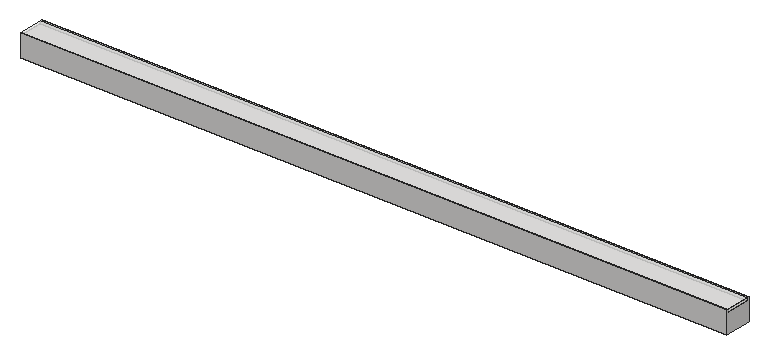
Revit family "Lighting-Luminii-Kurba_Max_Vertical new", category Lighting Fixtures, host Face, Revit 2020
Family settings
  Host = Face
  Round Connector Dimension = Use Diameter
  Part Type = Normal
  OmniClass Number = 23.80.70.11.14.11
  OmniClass Title = Downlights
  Cut with Voids When Loaded = No
  Light Source = Yes
  Shared = Yes
  Room Calculation Point = No
Parameters (values of type "Kubra Max Vertical")
  Width = 3/4"  # constant formula
  Wattage Comments = "5.0 W/ft"
  Wattage = 5 W
  Warranty URL = "https://www.luminii.com/terms-conditions/"
  built-in parameter 1150110 = 1 (stored number, unit not read)
  Voltage Comments = "120VAC - 277VAC"  # constant formula
  Voltage = 120 V
  Version = "2020 - v1.0a"  # constant formula
  URL = "https://www.luminii.com/"
  built-in parameter 1114217 = 1 (stored number, unit not read)
  Tilt Angle = -90.00°  # constant formula
  built-in parameter 1150109 = 1 (stored number, unit not read)
  built-in parameter 1150134 = (empty or 0)
  built-in parameter 1150113 = 1 (stored number, unit not read)
  Support Phone = "224-699-9545"  # constant formula
  Support Email = "mailto:support@bimsmith.com"
  Product Page URL = "Consult Manufacturer Website for more Information"
  Power Source Type = "Driver"  # constant formula
  Power Factor = 1
  Photometric Web File = "KBX-SF-V-30K-24V.IES"
  Phase = 1
  Operating Temperature = "Consult Manufacturer Website for more Information"  # constant formula
  Number of Poles = if(and(or(Voltage = 120 V, Voltage = 277 V), Phase = 1), 1, if(and(or(Voltage = 208 V, Voltage = 240 V), Phase = 1), 2, if(and(or(Voltage = 208 V, Voltage = 240 V), Phase = 3), 3, if(and(Voltage > 300 V, Phase = 1), 2, if(and(Voltage > 400 V, Phase = 3), 3, 1)))))  # 1
  Mounting Method = "Mounting Options: Mounting Channel, Mounting Bracket"  # constant formula
  Model = "KBX-SF-V"  # constant formula
  Manufacturer Phone Number = "403-216-7043"  # constant formula
  Manufacturer Email = "mailto: info@sensolighting.com"
  Manufacturer Address = "302 50 Ave SE. Calgary, Alberta, T2G 2A9 Canada"  # constant formula
  Manufacturer = "Luminii"  # constant formula
  built-in parameter 1150105 = 36.407 (stored number, unit not read)
  Lumens = 457.5 lm
  Luminaire Type = "Flexible LED strip 24 VDC"  # constant formula
  built-in parameter 1150115 = 1 (stored number, unit not read)
  Load Classification = Lighting
  built-in parameter 1150137 = (empty or 0)
  built-in parameter 1150139 = (empty or 0)
  Lens Material = Plastic - Luminii - Frosted Lens
  Length [instance] = if(Desired Length < 12", 12", if(Desired Length > 216", 216", (round(Desired Length / 2")) * 2"))  # 24"
  built-in parameter 1150112 = 1 (stored number, unit not read)
  built-in parameter 1150114 = 1 (stored number, unit not read)
  Lamp Life = 1
  Lamp = "LED"  # constant formula
  Keynote = "26 50 00"
  built-in parameter 1150132 = (empty or 0)
  built-in parameter 1150102 = (empty or 0)
  built-in parameter 1150107 = 3000 (stored number, unit not read)
  Initial Color Comments = "Perfomance based on 3000K Photometric Web File"  # constant formula
  built-in parameter 1150138 = (empty or 0)
  built-in parameter 1150106 = 0.36407 (stored number, unit not read)
  Housing Protection Rating = "Consult Manufacturer Website for more Information"  # constant formula
  Height = 57/64"  # constant formula
  Has Dimming = 1 = 1  # yes
  Has Battery Backup = 0 = 1  # no
  Frequency Comments = ""  # constant formula
  Frequency = 60 Hz
  Finish = Metal - Luminii - Silver Anodized Aluminum
  Environment = "Indoor"  # constant formula
  Emit from Line Length = 48"
  built-in parameter 1150104 = 8.5006 (stored number, unit not read)
  Dimming Type = "Consult Manufacturer Website for more Information"  # constant formula
  Dimming Lamp Color Temperature Shift = <None>
  Desired Length [instance] = 24"
  Description = "Flexible LED strip 24 VDC"  # constant formula
  Default Elevation = 0"  # constant formula
  Current Amps = 50 A
  Copyright = "©2024 Luminii"  # constant formula
  Control Zone = "Consult Manufacturer Website for more Information"  # constant formula
  Control Type = "Consult Manufacturer Website for more Information"  # constant formula
  Color Filter = 16777215
  built-in parameter 1114216 [instance] = 0  # (empty or 0)
  built-in parameter 1140040 [instance] = 1 = 1  # 1
  CCT = "3000K"
  built-in parameter 1114218 = 1 (stored number, unit not read)
  built-in parameter 1150133 = 10 (stored number, unit not read)
  Assembly Code = "D5040.50"
  Apparent Load = Wattage / Power Factor  # 5 VA
Reference planes (in)
  plane 1 "Center (Front/Back)": y = 0
  plane 2: z = 0
  plane 3 "Center (Left/Right)": x = 0
  plane 4: x = 0
  plane 5: x = 0
  plane 6: y = 0.375
  plane 7: y = -0.375
  plane 8: x = -12
  plane 9: x = 12
  plane 10: z = 0
  plane 11: z = 1.5
Forms (in)
  Extrusion 1, solid, material "Metal - Luminii - Silver Anodized Aluminum", not visible
    sketch origin (0, 0, -0.01563) x (1, 0, 0) y (0, 1, 0)
      loop
        circle (0, 0) r 0.03125
    from 0.01562 to 0.02575
Dimensions and locks (in)
  equal spacing: plane 4, plane 3 "Center (Left/Right)", plane 5
  equal spacing: plane 6, plane 1 "Center (Front/Back)", plane 7
  plane 4 to plane 5 = 0"
  "Width": plane 6 to plane 7
  equal spacing: plane 8, plane 3 "Center (Left/Right)", plane 9
  "Length": plane 8 to plane 9
  Extrusion 1 to plane 2 = 0.01013"
  plane 1 "Center (Front/Back)" to imposter light = 0"
  locked: plane 10 to plane 2
  locked: Extrusion 1 to plane 10 at 0.01013
  aligned and locked: plane 2 to host face
  aligned and locked: plane 3 "Center (Left/Right)" to Extrusion 1 sketch curve
  aligned and locked: imposter light to plane 3 "Center (Left/Right)"
  aligned and locked: plane 1 "Center (Front/Back)" to Extrusion 1 sketch curve
  aligned and locked: plane 10 to Extrusion 1
  aligned and locked: imposter light to plane 11
  aligned and locked: plane 1 "Center (Front/Back)" to imposter light
Automatic sketch dimensions
  host sketch curve to host sketch curve = 96"  (x2)
  radius of Extrusion 1 sketch curve = 1/32"
Nested families (in)
  nested 1: "Nested Lamp" at (0, 0, 0), type "Nested Lamp"
    with Height 225/256"
Connectors (in)
  electrical at (0, 0, 0), driven by "Number of Poles", driven by "Load Classification", driven by "Voltage", driven by "Apparent Load", driven by "Power Factor"
    settings: on Extrusion 1, index 1, voltage 120 V, apparent load 5 VA, apparent load phase1 0 VA, apparent load phase2 0 VA, apparent load phase3 0 VA, power factor 1, load classification "Lighting", number of poles 1, system type 30, power factor state 1, is connector primary yes, connector utility no, sub classification motor no, connector description "Power Connection"
Definition of nested family "Nested Lamp"
  Parameters (values of type "Nested Lamp")
    Width = 57/64"
    Lens = none
    Length = 24"
    Height = 3/4"
    Finish = none
    Default Elevation = 48"
  Reference planes (in)
    plane 1 "Center (Front/Back)": y = 0
    plane 2: z = 0
    plane 3 "Center (Left/Right)": x = 0
    plane 4: x = -11.92187
    plane 5: x = 11.92188
    plane 6: x = 12
    plane 7: x = -12
    plane 8: y = 0.44531
    plane 9: y = -0.44531
    plane 10: z = 0.75
  Forms (in)
    Extrusion 1, solid
      sketch origin (0, 0, 0) x (1, 0, 0) y (0, 1, 0)
        loop
          line (-48, 48) -> (-48, -48) -> (48, -48) -> (48, 48) -> (-48, 48)
      from 0 to -12
    Sweep 2, solid, material <- "Lens"
      path origin (0, 0, 0) x (1, 0, 0) y (0, 1, 0)
        loop
          line (-11.92187, 0) -> (11.92188, 0)
      profile origin (0, 0, 0) x (0, 1, 0) y (0, 0, 1)
        loop
          line (0.41406, 0.63654) -> (0.41406, 0.75) -> (-0.41406, 0.75) -> (-0.41406, 0.63654) -> (0.41406, 0.63654)
    Sweep 3, solid, material <- "Finish"
      path origin (0, 0, 0) x (1, 0, 0) y (0, 1, 0)
        loop
          line (-11.92187, 0) -> (11.92188, 0)
      profile origin (0, 0, 0) x (0, 1, 0) y (0, 0, 1)
        loop
          line (0.44531, 0) -> (0.44531, 0.75) -> (0.41406, 0.75) -> (0.41406, 0.63654) -> (-0.41406, 0.63654) -> (-0.41406, 0.75) -> (-0.44531, 0.75) -> (-0.44531, 0) -> (0.44531, 0)
  Dimensions and locks (in)
    "Length": plane 7 to plane 6
    locked: plane 7 to plane 4 at 0.07813
    locked: plane 5 to plane 6 at 0.07813
    equal spacing: plane 7, plane 3 "Center (Left/Right)", plane 6
    "Height": plane 10 to plane 2
    equal spacing: plane 8, plane 1 "Center (Front/Back)", plane 9
    "Width": plane 8 to plane 9
    aligned and locked: plane 2 to Extrusion 1
    aligned and locked: level to Extrusion 1
    aligned and locked: plane 5 to Sweep 2 sketch curve
    aligned and locked: plane 4 to Sweep 2 sketch curve
    aligned and locked: plane 1 "Center (Front/Back)" to Sweep 2 sketch curve
  Automatic sketch dimensions
    Extrusion 1 sketch curve to Extrusion 1 sketch curve = 96"  (x2)
    plane 1 "Center (Front/Back)" to Sweep 3 sketch curve = 0"
    Sweep 3 sketch curve to plane 4 = 0"
    Sweep 3 sketch curve to plane 5 = 0"
    level to Sweep 2 sketch curve = 3/4"
    Sweep 2 sketch curve to profile plane = 53/128"
    profile plane to Sweep 2 sketch curve = 53/128"
    Sweep 2 sketch curve to Sweep 2 sketch curve = 0.11346"
    Sweep 3 sketch curve to level = 0"
    profile plane to Sweep 3 sketch curve = 57/128"
    Sweep 3 sketch curve to profile plane = 57/128"
    Sweep 3 sketch curve to Sweep 3 sketch curve = 0.63654"
    Sweep 3 sketch curve to Sweep 3 sketch curve = 1/32"  (x2)
    Sweep 3 sketch curve to Sweep 3 sketch curve = 0.11346"  (x2)
